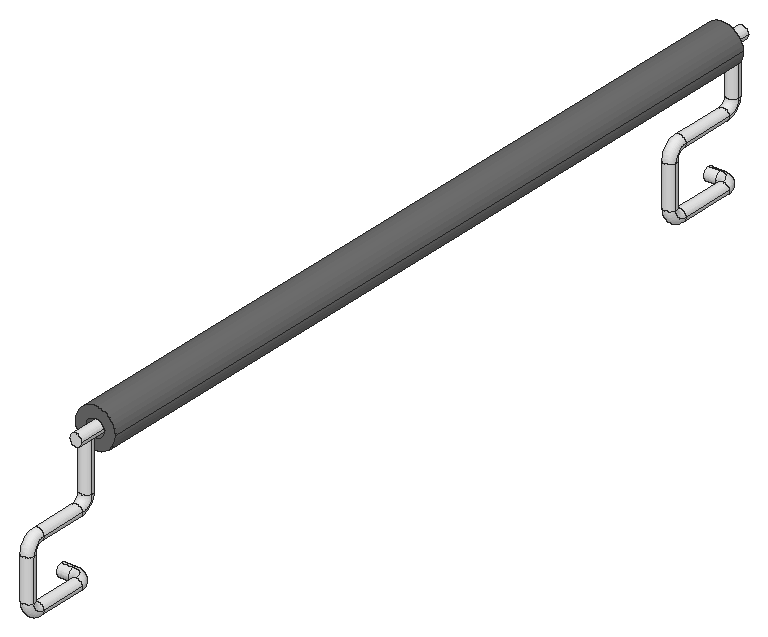
Revit family "Rintatuki", category Casework, Revit 2015
Parameters (values of type "Korpinen 20120 Rintatuki")
  valkoinen = valkoinen
  harmaa RAL 7037 elastomeeri = harmaa RAL 7037 elastomeeri
  URL = "http://www.korpinen.com/"
  NominalLength = 0 mm
  NominalHeight = 0 mm
  NominalDepth = 0 mm
  Model = "Rintatuki"
  Manufacturer = "Korpinen"
  Keynote = "20120"
  IfcExportType = ""
  IfcExportAs = ""
  IfcClassification = ""
  Depth = 690 mm
  Height = 129 mm
  Width = 33 mm
  Author = "ProdLib Oy"
Reference planes
  plane 1 "Back": y = 80.4
  plane 2: z = 0
  plane 3 "Center (Left/Right)": x = 18.738
  plane 4 "Left": x = 2.238
  plane 5 "Right": x = 35.238
  plane 6 "Front": y = -609.6
  plane 7 "Top": z = 129
  plane 8: x = 23.738
  plane 9: x = 13.738
  plane 10: x = 26.238
  plane 11: x = 11.238
  plane 12: z = 112.5
  plane 13: z = 100
  plane 14: y = 60.4
  plane 15: y = -589.6
  plane 16: y = -599.6
  plane 17: y = 70.4
  plane 18: y = 75.4
  plane 19: y = 60.4
  plane 20: y = 65.4
  plane 21: z = 70
  plane 22: z = 50
  plane 23: z = 60
  plane 24: y = 0.4
  plane 25: y = 15.4
  plane 26: y = 5.4
  plane 27: z = 5
  plane 28: z = 15
  plane 29: y = -609.6
  plane 30: y = -594.6
  plane 31: z = 5
  plane 32: z = 15
  plane 33: z = 70
  plane 34: z = 60
  plane 35: z = 50
  plane 36: y = -649.6
  plane 37: y = -659.6
  plane 38: y = -664.6
  plane 39: y = -604.6
  plane 40: x = 8.738
  plane 41: x = 28.738
  plane 42: x = -1.262
  plane 43: z = 5
  plane 44: x = 18.738
  plane 45: x = 8.738
  plane 46: x = -1.262
Forms (mm)
  Extrusion 1, solid, material "harmaa RAL 7037 elastomeeri" <- "harmaa RAL 7037 elastomeeri"
    sketch origin (0, -609.6, 0) x (1, 0, 0) y (0, 0, 1)
      loop
        circle (18.738, 112.5) r 16.5
      loop
        circle (18.738, 112.5) r 7.5
    from -670 to -20
  Extrusion 2, solid, material "valkoinen" <- "valkoinen"
    sketch origin (0, -609.6, 0) x (1, 0, 0) y (0, 0, 1)
      loop
        circle (18.738, 112.5) r 5
    from -690 to 0
  Sweep 3, solid, material "valkoinen" <- "valkoinen"
    path origin (35.238, 0, 0) x (0, -1, 0) y (0, 0, 1)
      loop
        line (-70.4, 112.5) -> (-70.4, 70)
        arc (-70.4, 70) -> (-67.471, 62.929) -> (-60.4, 60) r 10
        line (-60.4, 60) -> (-15.4, 60)
        arc (-15.4, 60) -> (-8.329, 57.071) -> (-5.4, 50) r 10
        line (-5.4, 50) -> (-5.4, 15)
        arc (-5.4, 15) -> (-8.329, 7.929) -> (-15.4, 5) r 10
        line (-15.4, 5) -> (-60.4, 5)
    profile origin (35.238, 70.4, 91.25) x (-1, 0, 0) y (0, -1, 0)
      loop
        circle (16.5, 0) r 5
  Sweep 4, solid, material "valkoinen" <- "valkoinen"
    path origin (35.238, 0, 0) x (0, -1, 0) y (0, 0, 1)
      loop
        line (599.6, 112.5) -> (599.6, 70)
        arc (599.6, 70) -> (602.529, 62.929) -> (609.6, 60) r 10
        line (609.6, 60) -> (649.6, 60)
        arc (649.6, 60) -> (656.671, 57.071) -> (659.6, 50) r 10
        line (659.6, 50) -> (659.6, 15)
        arc (659.6, 15) -> (656.671, 7.929) -> (649.6, 5) r 10
        line (649.6, 5) -> (609.6, 5)
    profile origin (35.238, -599.6, 91.25) x (-1, 0, 0) y (0, -1, 0)
      loop
        circle (16.5, 0) r 5
  Sweep 5, solid, material "valkoinen" <- "valkoinen"
    path origin (0, 0, 0) x (1, 0, 0) y (0, 1, 0)
      loop
        arc (18.738, 60.4) -> (15.809, 67.471) -> (8.738, 70.4) r 10
        line (8.738, 70.4) -> (-1.262, 70.4)
    profile origin (15.809, 67.471, 0) x (-0.707107, -0.707107, 0) y (0, 0, 1)
      loop
        circle (0, 5) r 5
  Sweep 6, solid, material "valkoinen" <- "valkoinen"
    path origin (0, 0, 0) x (1, 0, 0) y (0, 1, 0)
      loop
        line (-1.262, -599.6) -> (8.738, -599.6)
        arc (8.738, -599.6) -> (15.809, -602.529) -> (18.738, -609.6) r 10
    profile origin (3.738, -599.6, 0) x (0, 1, 0) y (0, 0, 1)
      loop
        circle (0, 5) r 5
Cuts and joins
  joined: Sweep 4, Sweep 6
  joined: Sweep 3, Sweep 5
Lines and regions (mm)
  symbolic lines
    curve 1: line (35.238, -609.6, 117.5) -> (35.238, -609.6, 107.5)
    curve 2: line (35.238, -609.6, 107.5) -> (35.238, -589.6, 107.5)
    curve 3: line (35.238, -609.6, 117.5) -> (35.238, -589.6, 117.5)
    curve 4: line (35.238, -589.6, 129) -> (35.238, -589.6, 96)
    curve 5: line (35.238, -589.6, 96) -> (35.238, 60.4, 96)
    curve 6: line (35.238, 60.4, 96) -> (35.238, 60.4, 129)
    curve 7: line (35.238, 60.4, 129) -> (35.238, -589.6, 129)
    curve 8: line (35.238, 80.4, 117.5) -> (35.238, 80.4, 107.5)
    curve 9: line (35.238, 80.4, 107.5) -> (35.238, 60.4, 107.5)
    curve 10: line (35.238, 80.4, 117.5) -> (35.238, 60.4, 117.5)
    curve 11: line (35.238, 75.4, 107.5) -> (35.238, 75.4, 69.506)
    curve 12: arc (35.238, 75.4, 69.506) -> (35.238, 71.156, 59.261) -> (35.238, 60.911, 55.017) r 14.489
    curve 13: line (35.238, 60.911, 55.017) -> (35.238, 15.911, 55.017)
    curve 14: arc (35.238, 15.911, 55.017) -> (35.238, 12.003, 53.398) -> (35.238, 10.385, 49.49) r 5.527
    curve 15: line (35.238, 70.4, 10) -> (35.238, 15.4, 10)
    curve 16: arc (35.238, 15.4, 10) -> (35.238, 11.854, 11.469) -> (35.238, 10.385, 15.015) r 5.015
    curve 17: line (35.238, 10.385, 15.015) -> (35.238, 10.385, 49.49)
    curve 18: arc (35.238, 70.4, 10) -> (35.238, 75.4, 5) -> (35.238, 70.4, 0) r 5
    curve 19: line (35.238, 70.4, 0) -> (35.238, 15.4, 0)
    curve 20: arc (35.238, 15.4, 0) -> (35.238, 4.741, 4.415) -> (35.238, 0.327, 15.073) r 15.073
    curve 21: line (35.238, 0.327, 15.073) -> (35.238, 0.327, 50.073)
    curve 22: arc (35.238, 0.327, 50.073) -> (35.238, 4.702, 60.636) -> (35.238, 15.265, 65.012) r 14.938
    curve 23: line (35.238, 15.265, 65.012) -> (35.238, 60.4, 65.012)
    curve 24: arc (35.238, 60.4, 65.012) -> (35.238, 63.928, 66.473) -> (35.238, 65.39, 70.001) r 4.99
    curve 25: line (35.238, 65.39, 70.001) -> (35.238, 65.39, 107.5)
    curve 26: line (35.238, -604.6, 107.5) -> (35.238, -604.6, 69.959)
    curve 27: arc (35.238, -604.6, 69.959) -> (35.238, -606.064, 66.423) -> (35.238, -609.6, 64.959) r 5
    curve 28: line (35.238, -609.6, 64.959) -> (35.238, -649.6, 64.959)
    curve 29: arc (35.238, -649.6, 64.959) -> (35.238, -660.207, 60.565) -> (35.238, -664.601, 49.958) r 15.001
    curve 30: line (35.238, -599.6, 0) -> (35.238, -649.6, 0)
    curve 31: arc (35.238, -649.6, 0) -> (35.238, -660.207, 4.394) -> (35.238, -664.601, 15.001) r 15.001
    curve 32: line (35.238, -664.601, 15.001) -> (35.238, -664.601, 49.958)
    curve 33: line (35.238, -599.6, 10) -> (35.238, -649.6, 10)
    curve 34: arc (35.238, -599.6, 10) -> (35.238, -594.6, 5) -> (35.238, -599.6, 0) r 5
    curve 35: arc (35.238, -649.6, 10) -> (35.238, -653.098, 11.449) -> (35.238, -654.547, 14.947) r 4.947
    curve 36: line (35.238, -654.547, 14.947) -> (35.238, -654.547, 49.947)
    curve 37: arc (35.238, -654.547, 49.947) -> (35.238, -653.072, 53.509) -> (35.238, -649.51, 54.985) r 5.037
    curve 38: line (35.238, -649.51, 54.985) -> (35.238, -609.6, 54.985)
    curve 39: arc (35.238, -609.6, 54.985) -> (35.238, -598.779, 59.467) -> (35.238, -594.297, 70.288) r 15.303
    curve 40: line (35.238, -594.297, 70.288) -> (35.238, -594.297, 107.5)
    curve 41: line (-1.262, -609.6, 10) -> (-1.262, -609.6, 0)
    curve 42: line (-1.262, -609.6, 10) -> (13.738, -609.6, 10)
    curve 43: line (-1.262, -609.6, 0) -> (18.738, -609.6, 0)
    curve 44: line (13.738, -609.6, 5) -> (13.738, -609.6, 112.5)
    curve 45: line (23.738, -609.6, 5) -> (23.738, -609.6, 112.5)
    curve 46: arc (23.738, -609.6, 112.5) -> (18.738, -609.6, 117.5) -> (13.738, -609.6, 112.5) r 5
    curve 47: arc (13.738, -609.6, 112.5) -> (18.738, -609.6, 107.5) -> (23.738, -609.6, 112.5) r 5
    curve 48: arc (35.238, -609.6, 112.5) -> (18.738, -609.6, 129) -> (2.238, -609.6, 112.5) r 16.5
    curve 49: arc (2.238, -609.6, 112.5) -> (5.419, -609.6, 102.76) -> (13.738, -609.6, 96.776) r 16.5
    curve 50: arc (23.738, -609.6, 96.776) -> (32.056, -609.6, 102.76) -> (35.238, -609.6, 112.5) r 16.5
    curve 51: arc (11.238, -609.6, 112.5) -> (18.738, -609.6, 120) -> (26.238, -609.6, 112.5) r 7.5
    curve 52: arc (26.238, -609.6, 112.5) -> (25.584, -609.6, 109.438) -> (23.738, -609.6, 106.91) r 7.5
    curve 53: arc (11.238, -609.6, 112.5) -> (11.891, -609.6, 109.438) -> (13.738, -609.6, 106.91) r 7.5
    curve 54: line (2.238, 60.4, 0) -> (35.238, 60.4, 0)
    curve 55: line (35.238, 60.4, 0) -> (35.238, -589.6, 0)
    curve 56: line (35.238, -589.6, 0) -> (2.238, -589.6, 0)
    curve 57: line (2.238, -589.6, 0) -> (2.238, 60.4, 0)
    curve 58: line (13.738, 60.4, 0) -> (13.738, 80.4, 0)
    curve 59: line (13.738, 80.4, 0) -> (23.738, 80.4, 0)
    curve 60: line (23.738, 80.4, 0) -> (23.738, 60.4, 0)
    curve 61: line (13.738, -589.6, 0) -> (13.738, -659.6, 0)
    curve 62: line (23.738, -589.6, 0) -> (23.738, -659.6, 0)
    curve 63: line (13.738, -609.6, 0) -> (23.738, -609.6, 0)
    curve 64: line (-1.262, -594.6, 0) -> (-1.262, -604.6, 0)
    curve 65: line (-1.262, -604.6, 0) -> (8.738, -604.6, 0)
    curve 66: arc (8.738, -604.6, 0) -> (12.273, -606.064, 0) -> (13.738, -609.6, 0) r 5
    curve 67: line (-1.262, -594.6, 0) -> (8.738, -594.6, 0)
    curve 68: arc (8.738, -594.6, 0) -> (11.276, -594.822, 0) -> (13.738, -595.482, 0) r 14.619
    curve 69: arc (13.738, -659.6, 0) -> (18.738, -664.6, 0) -> (23.738, -659.6, 0) r 5
    curve 70: line (-1.262, 75.4, 0) -> (-1.262, 65.4, 0)
    curve 71: line (-1.262, 65.4, 0) -> (8.738, 65.4, 0)
    curve 72: arc (8.738, 65.4, 0) -> (12.273, 63.936, 0) -> (13.738, 60.4, 0) r 5
    curve 73: line (-1.262, 75.4, 0) -> (8.738, 75.4, 0)
    curve 74: arc (8.738, 75.4, 0) -> (11.274, 75.184, 0) -> (13.738, 74.542, 0) r 15
    curve 75: arc (13.738, -609.6, 5) -> (18.738, -609.6, 0) -> (23.738, -609.6, 5) r 5
Dimensions and locks
  "Depth": plane 6 "Front" to plane 1 "Back"
  "Width": plane 4 "Left" to plane 5 "Right"
  equal spacing: plane 4 "Left", plane 3 "Center (Left/Right)", plane 5 "Right"
  "Height": level to plane 7 "Top"
  plane 8 to plane 3 "Center (Left/Right)" to plane 9 = 5 mm locked, 5 mm locked
  plane 10 to plane 3 "Center (Left/Right)" to plane 11 = 7.5 mm locked, 7.5 mm locked
  locked: plane 7 "Top" to plane 12 at 16.5
  locked: plane 12 to plane 13 at 12.5
  locked: plane 14 to plane 1 "Back" at 20
  locked: plane 6 "Front" to plane 15 at 20
  locked: plane 6 "Front" to plane 16 at 10
  locked: plane 17 to plane 1 "Back" at 10
  plane 21 to plane 23 to plane 22 = 10 mm locked, 10 mm locked
  locked: plane 22 to plane 2 at 50
  plane 24 to plane 26 to plane 25 = 5 mm locked, 10 mm locked
  plane 28 to plane 27 to plane 2 = 10 mm locked, 5 mm locked
  plane 19 to plane 20 to plane 17 = 5 mm, 5 mm locked
  plane 29 to plane 16 to plane 30 = 10 mm locked, 5 mm locked
  locked: plane 31 to plane 2 at 5
  locked: plane 32 to plane 31 at 10
  locked: plane 33 to plane 34 at 10
  locked: plane 34 to plane 35 at 10
  plane 37 to plane 36 = 10 mm
  plane 38 to plane 37 = 5 mm
  locked: plane 35 to plane 2 at 50
  locked: plane 16 to plane 39 at 5
  locked: plane 25 to plane 20 at 50
  locked: plane 36 to plane 16 at 50
  plane 40 to plane 3 "Center (Left/Right)" to plane 41 = 10 mm locked, 10 mm locked
  plane 42 to plane 40 = 10 mm
  locked: plane 43 to plane 2 at 5
  plane 44 to plane 9 = 5 mm
  locked: plane 45 to plane 3 "Center (Left/Right)" at 10
  locked: plane 46 to plane 45 at 10
  aligned and locked: plane 2 to level
  aligned and locked: plane 12 to Extrusion 1 sketch curve  (x4)
  aligned and locked: plane 5 "Right" to Extrusion 1 sketch curve
  aligned and locked: plane 4 "Left" to Extrusion 1 sketch curve
  aligned and locked: plane 10 to Extrusion 1 sketch curve
  aligned and locked: plane 11 to Extrusion 1 sketch curve
  aligned and locked: plane 14 to Extrusion 1
  aligned and locked: Extrusion 1 to plane 15
  aligned and locked: plane 8 to Extrusion 2 sketch curve
  aligned and locked: plane 9 to Extrusion 2 sketch curve
  aligned and locked: plane 12 to Extrusion 2 sketch curve  (x2)
  aligned and locked: Extrusion 2 to plane 1 "Back"
  aligned and locked: plane 6 "Front" to Extrusion 2
  aligned and locked: plane 8 to Sweep 3 sketch curve
  aligned and locked: plane 9 to Sweep 3 sketch curve
  aligned and locked: plane 17 to Sweep 3 sketch curve  (x4)
  aligned and locked: plane 12 to Sweep 3 sketch curve
  aligned and locked: plane 23 to Sweep 3 sketch curve  (x2)
  aligned and locked: plane 27 to Sweep 3 sketch curve  (x2)
  aligned and locked: plane 21 to Sweep 3 sketch curve
  aligned and locked: plane 19 to Sweep 3 sketch curve
  aligned and locked: plane 25 to Sweep 3 sketch curve  (x2)
  aligned and locked: plane 22 to Sweep 3 sketch curve
  aligned and locked: plane 26 to Sweep 3 sketch curve  (x2)
  aligned and locked: plane 28 to Sweep 3 sketch curve
  aligned and locked: plane 16 to Sweep 4 sketch curve  (x4)
  aligned and locked: plane 9 to Sweep 4 sketch curve
  aligned and locked: plane 8 to Sweep 4 sketch curve
  aligned and locked: plane 12 to Sweep 4 sketch curve
  aligned and locked: plane 33 to Sweep 4 sketch curve
  aligned and locked: plane 29 to Sweep 4 sketch curve
  aligned and locked: plane 36 to Sweep 4 sketch curve  (x2)
  aligned and locked: plane 34 to Sweep 4 sketch curve
  aligned and locked: plane 35 to Sweep 4 sketch curve
  aligned and locked: plane 37 to Sweep 4 sketch curve  (x2)
  aligned and locked: plane 32 to Sweep 4 sketch curve
  aligned and locked: plane 31 to Sweep 4 sketch curve
  aligned and locked: plane 14 to Sweep 3 sketch curve
  aligned and locked: profile plane to Sweep 5 sketch curve  (x3)
  aligned and locked: profile plane to Sweep 6 sketch curve  (x3)
  aligned and locked: plane 3 "Center (Left/Right)" to Sweep 6 sketch curve
  aligned and locked: plane 6 "Front" to Sweep 6 sketch curve
  aligned and locked: plane 16 to Sweep 6 sketch curve  (x2)
  aligned and locked: plane 45 to Sweep 6 sketch curve
  aligned and locked: plane 46 to Sweep 6 sketch curve
  aligned and locked: plane 3 "Center (Left/Right)" to Sweep 5 sketch curve
  aligned and locked: plane 14 to Sweep 5 sketch curve
  aligned and locked: plane 17 to Sweep 5 sketch curve  (x2)
  aligned and locked: plane 40 to Sweep 5 sketch curve
  aligned and locked: plane 42 to Sweep 5 sketch curve
Automatic sketch dimensions
  Sweep 4 sketch curve to plane 6 "Front" = 0 mm
  level to Sweep 6 sketch curve = 5 mm
  curve 8 to plane 1 "Back" = 0 mm
  curve 12 to plane 18 = 0 mm
  curve 18 to plane 17 = 0 mm
  curve 23 to plane 14 = 0 mm
  curve 5 to plane 14 = 0 mm
  curve 20 to level = 0 mm
  curve 4 to plane 15 = 0 mm
  curve 33 to plane 16 = 0 mm
  curve 28 to plane 6 "Front" = 0 mm
  curve 39 to plane 6 "Front" = 0 mm
  curve 1 to plane 6 "Front" = 0 mm
  curve 31 to level = 0 mm
  plane 7 "Top" to curve 7 = 0 mm
  curve 25 to curve 24 = 4.99 mm
  plane 14 to curve 13 = 0.511 mm
  curve 14 to plane 14 = 44.489 mm
  level to curve 15 = 10 mm
  curve 14 to curve 15 = 0.511 mm
  curve 19 to curve 15 = 0 mm
  curve 14 to curve 23 = 0.646 mm
  curve 16 to curve 17 = 5.015 mm
  curve 14 to curve 21 = 10.058 mm
  curve 26 to plane 6 "Front" = 5 mm
  plane 6 "Front" to curve 37 = 39.91 mm
  level to curve 31 = 15.001 mm
  curve 37 to curve 31 = 0.09 mm
  curve 35 to curve 31 = 0 mm
  curve 37 to curve 29 = 0.09 mm
  curve 29 to curve 36 = 4.947 mm
  curve 30 to curve 34 = 5 mm
  curve 16 to curve 17 = 34.475 mm
  curve 31 to curve 37 = 34.946 mm
  curve 37 to curve 29 = 0.011 mm
  curve 14 to curve 21 = 0.583 mm
  curve 27 to curve 39 = 0.329 mm
  curve 5 to plane 13 = 4 mm
  curve 9 to plane 12 = 5 mm
  curve 2 to plane 12 = 5 mm
  plane 12 to curve 10 = 5 mm
  plane 12 to curve 3 = 5 mm
  curve 72 to curve 74 = 0 mm  (x2)
  curve 56 to plane 4 "Left" = 0 mm
  curve 72 to plane 14 = 0 mm
  plane 6 "Front" to curve 66 = 0 mm
  curve 74 to plane 18 = 0 mm
  plane 6 "Front" to curve 63 = 0 mm
  curve 63 to plane 9 = 0 mm
  curve 58 to plane 9 = 0 mm
  curve 69 to plane 3 "Center (Left/Right)" = 0 mm
  plane 1 "Back" to curve 59 = 0 mm
  curve 59 to plane 8 = 0 mm
  curve 55 to plane 5 "Right" = 0 mm
  curve 55 to plane 15 = 0 mm
  plane 4 "Left" to curve 65 = 3.5 mm
  plane 4 "Left" to curve 70 = 3.5 mm
  curve 71 to plane 11 = 2.5 mm
  curve 68 to plane 6 "Front" = 0.381 mm
  curve 68 to plane 11 = 2.5 mm
  curve 66 to curve 68 = 0 mm
  curve 61 to curve 66 = 50 mm
  curve 64 to plane 15 = 5 mm
  curve 46 to curve 53 = 0 mm
  curve 47 to curve 50 = 0 mm
  curve 47 to curve 51 = 0 mm
  curve 48 to curve 49 = 0 mm
  curve 48 to curve 50 = 0 mm
  curve 51 to curve 53 = 0 mm
  curve 52 to curve 53 = 0 mm
  curve 41 to level = 0 mm
  plane 4 "Left" to curve 49 = 0 mm
  curve 53 to plane 11 = 0 mm
  curve 75 to plane 9 = 0 mm
  curve 48 to plane 3 "Center (Left/Right)" = 0 mm
  curve 43 to plane 3 "Center (Left/Right)" = 0 mm
  curve 75 to plane 3 "Center (Left/Right)" = 0 mm
  curve 47 to plane 12 = 0 mm
  plane 4 "Left" to curve 41 = 3.5 mm
  curve 41 to curve 42 = 10 mm
